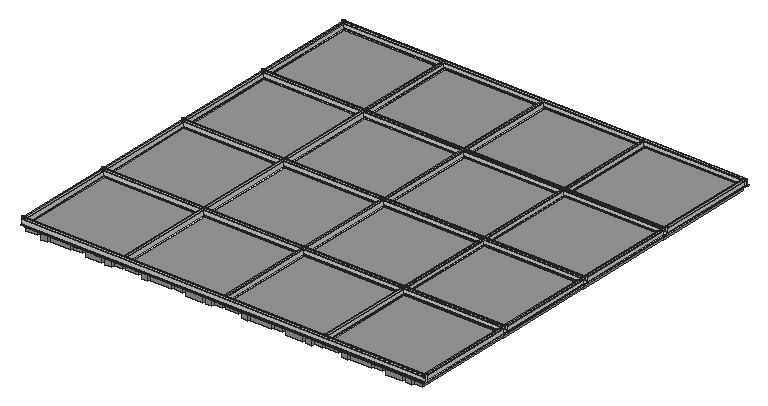
Revit family "GRD-FPG-013_TILE 003_RFA", category Modelos genéricos, Revit 2022 (continued)
Forms (in)
  Extrusion 317, solid, not visible
    sketch origin (24.02767, 82.90856, 0) x (1, 0, 0) y (0, 0, 1)
      loop
        line (0.54761, 1.7291) -> (0.54761, 2.15016) -> (0.45704, 2.24072)
        arc (0.45704, 2.24072) -> (0.44027, 2.24767) -> (0.42351, 2.24072) r 0.02371
        line (0.42351, 2.24072) -> (0.33294, 2.15016) -> (0.33294, 1.7291)
    from 58.93614 to 81.99864
  Extrusion 318, solid, not visible
    sketch origin (0.02767, 82.90856, 0) x (1, 0, 0) y (0, 0, 1)
      loop
        line (0.42221, 1.66259) -> (0.42231, 0.67354)
        arc (0.42231, 0.67354) -> (0.41009, 0.64403) -> (0.38057, 0.6318) r 0.04174
        line (0.38057, 0.6318) -> (-0.00639, 0.6318) -> (-0.00639, 0.59057) -> (0.8874, 0.59057) -> (0.8874, 0.6318) -> (0.49998, 0.6318)
        arc (0.49998, 0.6318) -> (0.47046, 0.64403) -> (0.45824, 0.67354) r 0.04174
        line (0.45824, 0.67354) -> (0.45834, 1.66259)
        arc (0.45834, 1.66259) -> (0.46543, 1.67969) -> (0.48252, 1.68677) r 0.02418
        line (0.48252, 1.68677) -> (0.52252, 1.68677)
        arc (0.52252, 1.68677) -> (0.55303, 1.69941) -> (0.56566, 1.72991) r 0.04314
        line (0.56566, 1.72991) -> (0.56566, 2.14095)
        arc (0.56566, 2.14095) -> (0.5626, 2.15637) -> (0.55386, 2.16944) r 0.04029
        line (0.55386, 2.16944) -> (0.47053, 2.25277)
        arc (0.47053, 2.25277) -> (0.44027, 2.2653) -> (0.41002, 2.25277) r 0.04279
        line (0.41002, 2.25277) -> (0.32669, 2.16944)
        arc (0.32669, 2.16944) -> (0.31795, 2.15637) -> (0.31489, 2.14095) r 0.04029
        line (0.31489, 2.14095) -> (0.31489, 1.72991)
        arc (0.31489, 1.72991) -> (0.32752, 1.69941) -> (0.35803, 1.68677) r 0.04314
        line (0.35803, 1.68677) -> (0.39803, 1.68677)
        arc (0.39803, 1.68677) -> (0.41512, 1.67969) -> (0.42221, 1.66259) r 0.02418
      loop
        arc (0.33294, 1.7291) -> (0.34005, 1.71194) -> (0.35722, 1.70483) r 0.02428
        line (0.35722, 1.70483) -> (0.39815, 1.70483)
        arc (0.39815, 1.70483) -> (0.42797, 1.69248) -> (0.44023, 1.66266) r 0.04217
        arc (0.44023, 1.66266) -> (0.45258, 1.69248) -> (0.4824, 1.70483) r 0.04217
        line (0.4824, 1.70483) -> (0.52333, 1.70483)
        arc (0.52333, 1.70483) -> (0.54049, 1.71194) -> (0.54761, 1.7291) r 0.02428
        line (0.54761, 1.7291) -> (0.54761, 2.15016) -> (0.45704, 2.24072)
        arc (0.45704, 2.24072) -> (0.44027, 2.24767) -> (0.42351, 2.24072) r 0.02371
        line (0.42351, 2.24072) -> (0.33294, 2.15016) -> (0.33294, 1.7291)
    from 58.93614 to 81.99864
  Extrusion 319, solid, not visible
    sketch origin (0, 0, 0) x (1, 0, 0) y (0, 1, 0)
      loop
        line (24.37331, 0.56251) -> (24.37331, 24.37501) -> (0.56081, 24.37501) -> (0.56081, 0.56251) -> (24.37331, 0.56251)
    from -0.14799 to 0.32867
  Extrusion 320, solid, not visible
    sketch origin (0, 0, 0) x (1, 0, 0) y (0, 0, 1)
      loop
        line (1.09883, 0.09247) -> (23.8353, 0.09247) -> (23.8353, 0.66306) -> (24.0853, 0.66306) -> (24.34206, 0.66306) -> (24.34206, 0.81527) -> (24.21368, 0.96747) -> (0.72045, 0.96747) -> (0.59206, 0.81527) -> (0.59206, 0.66306) -> (0.84883, 0.66306) -> (1.09883, 0.66306) -> (1.09883, 0.09247)
    from -1.53248 to -1.06251
  Extrusion 321, solid, not visible
    sketch origin (0, 22.34253, 0) x (1, 0, 0) y (0, 0, 1)
      loop
        line (1.09883, 0.09247) -> (23.8353, 0.09247) -> (23.8353, 0.66306) -> (24.0853, 0.66306) -> (24.34206, 0.66306) -> (24.34206, 0.81527) -> (24.21368, 0.96747) -> (0.72045, 0.96747) -> (0.59206, 0.81527) -> (0.59206, 0.66306) -> (0.84883, 0.66306) -> (1.09883, 0.66306) -> (1.09883, 0.09247)
    from -1.53248 to -1.06251
  Extrusion 322, solid, not visible
    sketch origin (24, 0, 0) x (1, 0, 0) y (0, 1, 0)
      loop
        line (24.37331, 0.56251) -> (24.37331, 24.37501) -> (0.56081, 24.37501) -> (0.56081, 0.56251) -> (24.37331, 0.56251)
    from -0.14799 to 0.32867
  Extrusion 323, solid, not visible
    sketch origin (24, 0, 0) x (1, 0, 0) y (0, 0, 1)
      loop
        line (1.09883, 0.09247) -> (23.8353, 0.09247) -> (23.8353, 0.66306) -> (24.0853, 0.66306) -> (24.34206, 0.66306) -> (24.34206, 0.81527) -> (24.21368, 0.96747) -> (0.72045, 0.96747) -> (0.59206, 0.81527) -> (0.59206, 0.66306) -> (0.84883, 0.66306) -> (1.09883, 0.66306) -> (1.09883, 0.09247)
    from -1.53248 to -1.06251
  Extrusion 324, solid, not visible
    sketch origin (24, 22.34253, 0) x (1, 0, 0) y (0, 0, 1)
      loop
        line (1.09883, 0.09247) -> (23.8353, 0.09247) -> (23.8353, 0.66306) -> (24.0853, 0.66306) -> (24.34206, 0.66306) -> (24.34206, 0.81527) -> (24.21368, 0.96747) -> (0.72045, 0.96747) -> (0.59206, 0.81527) -> (0.59206, 0.66306) -> (0.84883, 0.66306) -> (1.09883, 0.66306) -> (1.09883, 0.09247)
    from -1.53248 to -1.06251
  Extrusion 325, solid, not visible
    sketch origin (48, 0, 0) x (1, 0, 0) y (0, 1, 0)
      loop
        line (24.37331, 0.56251) -> (24.37331, 24.37501) -> (0.56081, 24.37501) -> (0.56081, 0.56251) -> (24.37331, 0.56251)
    from -0.14799 to 0.32867
  Extrusion 326, solid, not visible
    sketch origin (48, 0, 0) x (1, 0, 0) y (0, 0, 1)
      loop
        line (1.09883, 0.09247) -> (23.8353, 0.09247) -> (23.8353, 0.66306) -> (24.0853, 0.66306) -> (24.34206, 0.66306) -> (24.34206, 0.81527) -> (24.21368, 0.96747) -> (0.72045, 0.96747) -> (0.59206, 0.81527) -> (0.59206, 0.66306) -> (0.84883, 0.66306) -> (1.09883, 0.66306) -> (1.09883, 0.09247)
    from -1.53248 to -1.06251
  Extrusion 327, solid, not visible
    sketch origin (48, 22.34253, 0) x (1, 0, 0) y (0, 0, 1)
      loop
        line (1.09883, 0.09247) -> (23.8353, 0.09247) -> (23.8353, 0.66306) -> (24.0853, 0.66306) -> (24.34206, 0.66306) -> (24.34206, 0.81527) -> (24.21368, 0.96747) -> (0.72045, 0.96747) -> (0.59206, 0.81527) -> (0.59206, 0.66306) -> (0.84883, 0.66306) -> (1.09883, 0.66306) -> (1.09883, 0.09247)
    from -1.53248 to -1.06251
  Extrusion 328, solid, not visible
    sketch origin (72, 0, 0) x (1, 0, 0) y (0, 1, 0)
      loop
        line (24.37331, 0.56251) -> (24.37331, 24.37501) -> (0.56081, 24.37501) -> (0.56081, 0.56251) -> (24.37331, 0.56251)
    from -0.14799 to 0.32867
  Extrusion 329, solid, not visible
    sketch origin (72, 0, 0) x (1, 0, 0) y (0, 0, 1)
      loop
        line (1.09883, 0.09247) -> (23.8353, 0.09247) -> (23.8353, 0.66306) -> (24.0853, 0.66306) -> (24.34206, 0.66306) -> (24.34206, 0.81527) -> (24.21368, 0.96747) -> (0.72045, 0.96747) -> (0.59206, 0.81527) -> (0.59206, 0.66306) -> (0.84883, 0.66306) -> (1.09883, 0.66306) -> (1.09883, 0.09247)
    from -1.53248 to -1.06251
  Extrusion 330, solid, not visible
    sketch origin (72, 22.34253, 0) x (1, 0, 0) y (0, 0, 1)
      loop
        line (1.09883, 0.09247) -> (23.8353, 0.09247) -> (23.8353, 0.66306) -> (24.0853, 0.66306) -> (24.34206, 0.66306) -> (24.34206, 0.81527) -> (24.21368, 0.96747) -> (0.72045, 0.96747) -> (0.59206, 0.81527) -> (0.59206, 0.66306) -> (0.84883, 0.66306) -> (1.09883, 0.66306) -> (1.09883, 0.09247)
    from -1.53248 to -1.06251
  Extrusion 331, solid, not visible
    sketch origin (0, 24, 0) x (1, 0, 0) y (0, 1, 0)
      loop
        line (24.37331, 0.56251) -> (24.37331, 24.37501) -> (0.56081, 24.37501) -> (0.56081, 0.56251) -> (24.37331, 0.56251)
    from -0.14799 to 0.32867
  Extrusion 332, solid, not visible
    sketch origin (0, 24, 0) x (1, 0, 0) y (0, 0, 1)
      loop
        line (1.09883, 0.09247) -> (23.8353, 0.09247) -> (23.8353, 0.66306) -> (24.0853, 0.66306) -> (24.34206, 0.66306) -> (24.34206, 0.81527) -> (24.21368, 0.96747) -> (0.72045, 0.96747) -> (0.59206, 0.81527) -> (0.59206, 0.66306) -> (0.84883, 0.66306) -> (1.09883, 0.66306) -> (1.09883, 0.09247)
    from -1.53248 to -1.06251
  Extrusion 333, solid, not visible
    sketch origin (0, 46.34253, 0) x (1, 0, 0) y (0, 0, 1)
      loop
        line (1.09883, 0.09247) -> (23.8353, 0.09247) -> (23.8353, 0.66306) -> (24.0853, 0.66306) -> (24.34206, 0.66306) -> (24.34206, 0.81527) -> (24.21368, 0.96747) -> (0.72045, 0.96747) -> (0.59206, 0.81527) -> (0.59206, 0.66306) -> (0.84883, 0.66306) -> (1.09883, 0.66306) -> (1.09883, 0.09247)
    from -1.53248 to -1.06251
  Extrusion 334, solid, not visible
    sketch origin (24, 24, 0) x (1, 0, 0) y (0, 1, 0)
      loop
        line (24.37331, 0.56251) -> (24.37331, 24.37501) -> (0.56081, 24.37501) -> (0.56081, 0.56251) -> (24.37331, 0.56251)
    from -0.14799 to 0.32867
  Extrusion 335, solid, not visible
    sketch origin (24, 24, 0) x (1, 0, 0) y (0, 0, 1)
      loop
        line (1.09883, 0.09247) -> (23.8353, 0.09247) -> (23.8353, 0.66306) -> (24.0853, 0.66306) -> (24.34206, 0.66306) -> (24.34206, 0.81527) -> (24.21368, 0.96747) -> (0.72045, 0.96747) -> (0.59206, 0.81527) -> (0.59206, 0.66306) -> (0.84883, 0.66306) -> (1.09883, 0.66306) -> (1.09883, 0.09247)
    from -1.53248 to -1.06251
  Extrusion 336, solid, not visible
    sketch origin (24, 46.34253, 0) x (1, 0, 0) y (0, 0, 1)
      loop
        line (1.09883, 0.09247) -> (23.8353, 0.09247) -> (23.8353, 0.66306) -> (24.0853, 0.66306) -> (24.34206, 0.66306) -> (24.34206, 0.81527) -> (24.21368, 0.96747) -> (0.72045, 0.96747) -> (0.59206, 0.81527) -> (0.59206, 0.66306) -> (0.84883, 0.66306) -> (1.09883, 0.66306) -> (1.09883, 0.09247)
    from -1.53248 to -1.06251
  Extrusion 337, solid, not visible
    sketch origin (48, 24, 0) x (1, 0, 0) y (0, 1, 0)
      loop
        line (24.37331, 0.56251) -> (24.37331, 24.37501) -> (0.56081, 24.37501) -> (0.56081, 0.56251) -> (24.37331, 0.56251)
    from -0.14799 to 0.32867
  Extrusion 338, solid, not visible
    sketch origin (48, 24, 0) x (1, 0, 0) y (0, 0, 1)
      loop
        line (1.09883, 0.09247) -> (23.8353, 0.09247) -> (23.8353, 0.66306) -> (24.0853, 0.66306) -> (24.34206, 0.66306) -> (24.34206, 0.81527) -> (24.21368, 0.96747) -> (0.72045, 0.96747) -> (0.59206, 0.81527) -> (0.59206, 0.66306) -> (0.84883, 0.66306) -> (1.09883, 0.66306) -> (1.09883, 0.09247)
    from -1.53248 to -1.06251
  Extrusion 339, solid, not visible
    sketch origin (48, 46.34253, 0) x (1, 0, 0) y (0, 0, 1)
      loop
        line (1.09883, 0.09247) -> (23.8353, 0.09247) -> (23.8353, 0.66306) -> (24.0853, 0.66306) -> (24.34206, 0.66306) -> (24.34206, 0.81527) -> (24.21368, 0.96747) -> (0.72045, 0.96747) -> (0.59206, 0.81527) -> (0.59206, 0.66306) -> (0.84883, 0.66306) -> (1.09883, 0.66306) -> (1.09883, 0.09247)
    from -1.53248 to -1.06251
  Extrusion 340, solid, not visible
    sketch origin (72, 24, 0) x (1, 0, 0) y (0, 1, 0)
      loop
        line (24.37331, 0.56251) -> (24.37331, 24.37501) -> (0.56081, 24.37501) -> (0.56081, 0.56251) -> (24.37331, 0.56251)
    from -0.14799 to 0.32867
  Extrusion 341, solid, not visible
    sketch origin (72, 24, 0) x (1, 0, 0) y (0, 0, 1)
      loop
        line (1.09883, 0.09247) -> (23.8353, 0.09247) -> (23.8353, 0.66306) -> (24.0853, 0.66306) -> (24.34206, 0.66306) -> (24.34206, 0.81527) -> (24.21368, 0.96747) -> (0.72045, 0.96747) -> (0.59206, 0.81527) -> (0.59206, 0.66306) -> (0.84883, 0.66306) -> (1.09883, 0.66306) -> (1.09883, 0.09247)
    from -1.53248 to -1.06251
  Extrusion 342, solid, not visible
    sketch origin (72, 46.34253, 0) x (1, 0, 0) y (0, 0, 1)
      loop
        line (1.09883, 0.09247) -> (23.8353, 0.09247) -> (23.8353, 0.66306) -> (24.0853, 0.66306) -> (24.34206, 0.66306) -> (24.34206, 0.81527) -> (24.21368, 0.96747) -> (0.72045, 0.96747) -> (0.59206, 0.81527) -> (0.59206, 0.66306) -> (0.84883, 0.66306) -> (1.09883, 0.66306) -> (1.09883, 0.09247)
    from -1.53248 to -1.06251
  Extrusion 343, solid, not visible
    sketch origin (0, 48, 0) x (1, 0, 0) y (0, 1, 0)
      loop
        line (24.37331, 0.56251) -> (24.37331, 24.37501) -> (0.56081, 24.37501) -> (0.56081, 0.56251) -> (24.37331, 0.56251)
    from -0.14799 to 0.32867
  Extrusion 344, solid, not visible
    sketch origin (0, 48, 0) x (1, 0, 0) y (0, 0, 1)
      loop
        line (1.09883, 0.09247) -> (23.8353, 0.09247) -> (23.8353, 0.66306) -> (24.0853, 0.66306) -> (24.34206, 0.66306) -> (24.34206, 0.81527) -> (24.21368, 0.96747) -> (0.72045, 0.96747) -> (0.59206, 0.81527) -> (0.59206, 0.66306) -> (0.84883, 0.66306) -> (1.09883, 0.66306) -> (1.09883, 0.09247)
    from -1.53248 to -1.06251
  Extrusion 345, solid, not visible
    sketch origin (0, 70.34253, 0) x (1, 0, 0) y (0, 0, 1)
      loop
        line (1.09883, 0.09247) -> (23.8353, 0.09247) -> (23.8353, 0.66306) -> (24.0853, 0.66306) -> (24.34206, 0.66306) -> (24.34206, 0.81527) -> (24.21368, 0.96747) -> (0.72045, 0.96747) -> (0.59206, 0.81527) -> (0.59206, 0.66306) -> (0.84883, 0.66306) -> (1.09883, 0.66306) -> (1.09883, 0.09247)
    from -1.53248 to -1.06251
  Extrusion 346, solid, not visible
    sketch origin (24, 48, 0) x (1, 0, 0) y (0, 1, 0)
      loop
        line (24.37331, 0.56251) -> (24.37331, 24.37501) -> (0.56081, 24.37501) -> (0.56081, 0.56251) -> (24.37331, 0.56251)
    from -0.14799 to 0.32867
  Extrusion 347, solid, not visible
    sketch origin (24, 48, 0) x (1, 0, 0) y (0, 0, 1)
      loop
        line (1.09883, 0.09247) -> (23.8353, 0.09247) -> (23.8353, 0.66306) -> (24.0853, 0.66306) -> (24.34206, 0.66306) -> (24.34206, 0.81527) -> (24.21368, 0.96747) -> (0.72045, 0.96747) -> (0.59206, 0.81527) -> (0.59206, 0.66306) -> (0.84883, 0.66306) -> (1.09883, 0.66306) -> (1.09883, 0.09247)
    from -1.53248 to -1.06251
  Extrusion 348, solid, not visible
    sketch origin (24, 70.34253, 0) x (1, 0, 0) y (0, 0, 1)
      loop
        line (1.09883, 0.09247) -> (23.8353, 0.09247) -> (23.8353, 0.66306) -> (24.0853, 0.66306) -> (24.34206, 0.66306) -> (24.34206, 0.81527) -> (24.21368, 0.96747) -> (0.72045, 0.96747) -> (0.59206, 0.81527) -> (0.59206, 0.66306) -> (0.84883, 0.66306) -> (1.09883, 0.66306) -> (1.09883, 0.09247)
    from -1.53248 to -1.06251
  Extrusion 349, solid, not visible
    sketch origin (48, 48, 0) x (1, 0, 0) y (0, 1, 0)
      loop
        line (24.37331, 0.56251) -> (24.37331, 24.37501) -> (0.56081, 24.37501) -> (0.56081, 0.56251) -> (24.37331, 0.56251)
    from -0.14799 to 0.32867
  Extrusion 350, solid, not visible
    sketch origin (48, 48, 0) x (1, 0, 0) y (0, 0, 1)
      loop
        line (1.09883, 0.09247) -> (23.8353, 0.09247) -> (23.8353, 0.66306) -> (24.0853, 0.66306) -> (24.34206, 0.66306) -> (24.34206, 0.81527) -> (24.21368, 0.96747) -> (0.72045, 0.96747) -> (0.59206, 0.81527) -> (0.59206, 0.66306) -> (0.84883, 0.66306) -> (1.09883, 0.66306) -> (1.09883, 0.09247)
    from -1.53248 to -1.06251
  Extrusion 351, solid, not visible
    sketch origin (48, 70.34253, 0) x (1, 0, 0) y (0, 0, 1)
      loop
        line (1.09883, 0.09247) -> (23.8353, 0.09247) -> (23.8353, 0.66306) -> (24.0853, 0.66306) -> (24.34206, 0.66306) -> (24.34206, 0.81527) -> (24.21368, 0.96747) -> (0.72045, 0.96747) -> (0.59206, 0.81527) -> (0.59206, 0.66306) -> (0.84883, 0.66306) -> (1.09883, 0.66306) -> (1.09883, 0.09247)
    from -1.53248 to -1.06251
  Extrusion 352, solid, not visible
    sketch origin (72, 48, 0) x (1, 0, 0) y (0, 1, 0)
      loop
        line (24.37331, 0.56251) -> (24.37331, 24.37501) -> (0.56081, 24.37501) -> (0.56081, 0.56251) -> (24.37331, 0.56251)
    from -0.14799 to 0.32867
  Extrusion 353, solid, not visible
    sketch origin (72, 48, 0) x (1, 0, 0) y (0, 0, 1)
      loop
        line (1.09883, 0.09247) -> (23.8353, 0.09247) -> (23.8353, 0.66306) -> (24.0853, 0.66306) -> (24.34206, 0.66306) -> (24.34206, 0.81527) -> (24.21368, 0.96747) -> (0.72045, 0.96747) -> (0.59206, 0.81527) -> (0.59206, 0.66306) -> (0.84883, 0.66306) -> (1.09883, 0.66306) -> (1.09883, 0.09247)
    from -1.53248 to -1.06251
  Extrusion 354, solid, not visible
    sketch origin (72, 70.34253, 0) x (1, 0, 0) y (0, 0, 1)
      loop
        line (1.09883, 0.09247) -> (23.8353, 0.09247) -> (23.8353, 0.66306) -> (24.0853, 0.66306) -> (24.34206, 0.66306) -> (24.34206, 0.81527) -> (24.21368, 0.96747) -> (0.72045, 0.96747) -> (0.59206, 0.81527) -> (0.59206, 0.66306) -> (0.84883, 0.66306) -> (1.09883, 0.66306) -> (1.09883, 0.09247)
    from -1.53248 to -1.06251
  Extrusion 355, solid, not visible
    sketch origin (0, 72, 0) x (1, 0, 0) y (0, 1, 0)
      loop
        line (24.37331, 0.56251) -> (24.37331, 24.37501) -> (0.56081, 24.37501) -> (0.56081, 0.56251) -> (24.37331, 0.56251)
    from -0.14799 to 0.32867
  Extrusion 356, solid, not visible
    sketch origin (0, 72, 0) x (1, 0, 0) y (0, 0, 1)
      loop
        line (1.09883, 0.09247) -> (23.8353, 0.09247) -> (23.8353, 0.66306) -> (24.0853, 0.66306) -> (24.34206, 0.66306) -> (24.34206, 0.81527) -> (24.21368, 0.96747) -> (0.72045, 0.96747) -> (0.59206, 0.81527) -> (0.59206, 0.66306) -> (0.84883, 0.66306) -> (1.09883, 0.66306) -> (1.09883, 0.09247)
    from -1.53248 to -1.06251
  Extrusion 357, solid, not visible
    sketch origin (0, 94.34253, 0) x (1, 0, 0) y (0, 0, 1)
      loop
        line (1.09883, 0.09247) -> (23.8353, 0.09247) -> (23.8353, 0.66306) -> (24.0853, 0.66306) -> (24.34206, 0.66306) -> (24.34206, 0.81527) -> (24.21368, 0.96747) -> (0.72045, 0.96747) -> (0.59206, 0.81527) -> (0.59206, 0.66306) -> (0.84883, 0.66306) -> (1.09883, 0.66306) -> (1.09883, 0.09247)
    from -1.53248 to -1.06251
  Extrusion 358, solid, not visible
    sketch origin (24, 72, 0) x (1, 0, 0) y (0, 1, 0)
      loop
        line (24.37331, 0.56251) -> (24.37331, 24.37501) -> (0.56081, 24.37501) -> (0.56081, 0.56251) -> (24.37331, 0.56251)
    from -0.14799 to 0.32867
  Extrusion 359, solid, not visible
    sketch origin (24, 72, 0) x (1, 0, 0) y (0, 0, 1)
      loop
        line (1.09883, 0.09247) -> (23.8353, 0.09247) -> (23.8353, 0.66306) -> (24.0853, 0.66306) -> (24.34206, 0.66306) -> (24.34206, 0.81527) -> (24.21368, 0.96747) -> (0.72045, 0.96747) -> (0.59206, 0.81527) -> (0.59206, 0.66306) -> (0.84883, 0.66306) -> (1.09883, 0.66306) -> (1.09883, 0.09247)
    from -1.53248 to -1.06251
  Extrusion 360, solid, not visible
    sketch origin (24, 94.34253, 0) x (1, 0, 0) y (0, 0, 1)
      loop
        line (1.09883, 0.09247) -> (23.8353, 0.09247) -> (23.8353, 0.66306) -> (24.0853, 0.66306) -> (24.34206, 0.66306) -> (24.34206, 0.81527) -> (24.21368, 0.96747) -> (0.72045, 0.96747) -> (0.59206, 0.81527) -> (0.59206, 0.66306) -> (0.84883, 0.66306) -> (1.09883, 0.66306) -> (1.09883, 0.09247)
    from -1.53248 to -1.06251
  Extrusion 361, solid, not visible
    sketch origin (48, 72, 0) x (1, 0, 0) y (0, 1, 0)
      loop
        line (24.37331, 0.56251) -> (24.37331, 24.37501) -> (0.56081, 24.37501) -> (0.56081, 0.56251) -> (24.37331, 0.56251)
    from -0.14799 to 0.32867
  Extrusion 362, solid, not visible
    sketch origin (48, 72, 0) x (1, 0, 0) y (0, 0, 1)
      loop
        line (1.09883, 0.09247) -> (23.8353, 0.09247) -> (23.8353, 0.66306) -> (24.0853, 0.66306) -> (24.34206, 0.66306) -> (24.34206, 0.81527) -> (24.21368, 0.96747) -> (0.72045, 0.96747) -> (0.59206, 0.81527) -> (0.59206, 0.66306) -> (0.84883, 0.66306) -> (1.09883, 0.66306) -> (1.09883, 0.09247)
    from -1.53248 to -1.06251
  Extrusion 363, solid, not visible
    sketch origin (48, 94.34253, 0) x (1, 0, 0) y (0, 0, 1)
      loop
        line (1.09883, 0.09247) -> (23.8353, 0.09247) -> (23.8353, 0.66306) -> (24.0853, 0.66306) -> (24.34206, 0.66306) -> (24.34206, 0.81527) -> (24.21368, 0.96747) -> (0.72045, 0.96747) -> (0.59206, 0.81527) -> (0.59206, 0.66306) -> (0.84883, 0.66306) -> (1.09883, 0.66306) -> (1.09883, 0.09247)
    from -1.53248 to -1.06251
  Extrusion 364, solid, not visible
    sketch origin (72, 72, 0) x (1, 0, 0) y (0, 1, 0)
      loop
        line (24.37331, 0.56251) -> (24.37331, 24.37501) -> (0.56081, 24.37501) -> (0.56081, 0.56251) -> (24.37331, 0.56251)
    from -0.14799 to 0.32867
  Extrusion 365, solid, not visible
    sketch origin (72, 72, 0) x (1, 0, 0) y (0, 0, 1)
      loop
        line (1.09883, 0.09247) -> (23.8353, 0.09247) -> (23.8353, 0.66306) -> (24.0853, 0.66306) -> (24.34206, 0.66306) -> (24.34206, 0.81527) -> (24.21368, 0.96747) -> (0.72045, 0.96747) -> (0.59206, 0.81527) -> (0.59206, 0.66306) -> (0.84883, 0.66306) -> (1.09883, 0.66306) -> (1.09883, 0.09247)
    from -1.53248 to -1.06251
  Extrusion 366, solid, not visible
    sketch origin (72, 94.34253, 0) x (1, 0, 0) y (0, 0, 1)
      loop
        line (1.09883, 0.09247) -> (23.8353, 0.09247) -> (23.8353, 0.66306) -> (24.0853, 0.66306) -> (24.34206, 0.66306) -> (24.34206, 0.81527) -> (24.21368, 0.96747) -> (0.72045, 0.96747) -> (0.59206, 0.81527) -> (0.59206, 0.66306) -> (0.84883, 0.66306) -> (1.09883, 0.66306) -> (1.09883, 0.09247)
    from -1.53248 to -1.06251
  Extrusion 367, solid
    sketch origin (0, 0, 0) x (1, 0, 0) y (0, 0, 1)
      loop
        line (0.5921, 0.11813) -> (24.3421, 0.11813) -> (24.3421, 0.59057) -> (0.5921, 0.59057) -> (0.5921, 0.11813)
    from -24.31489 to -0.55824
  Extrusion 368, solid
    sketch origin (0, 0, 0) x (1, 0, 0) y (0, 0, 1)
      loop
        line (0.8421, -0.53443) -> (3.8421, -0.53443) -> (3.8421, 0.11813) -> (0.8421, 0.11813) -> (0.8421, -0.53443)
      loop
        line (4.55043, -1.15943) -> (6.05043, -1.15943) -> (6.05043, 0.11813) -> (4.55043, 0.11813) -> (4.55043, -1.15943)
      loop
        line (6.75877, -0.90943) -> (11.75877, -0.90943) -> (11.75877, 0.11813) -> (6.75877, 0.11813) -> (6.75877, -0.90943)
      loop
        line (12.4671, -0.65943) -> (14.4671, -0.65943) -> (14.4671, 0.11813) -> (12.4671, 0.11813) -> (12.4671, -0.65943)
      loop
        line (15.17543, -1.15943) -> (19.17543, -1.15943) -> (19.17543, 0.11813) -> (15.17543, 0.11813) -> (15.17543, -1.15943)
      loop
        line (19.88377, -1.15943) -> (21.38377, -1.15943) -> (21.38377, 0.11813) -> (19.88377, 0.11813) -> (19.88377, -1.15943)
      loop
        line (22.0921, -0.65943) -> (24.0921, -0.65943) -> (24.0921, 0.11813) -> (22.0921, 0.11813) -> (22.0921, -0.65943)
    from -24.30949 to -0.55949
  Extrusion 369, solid, not visible
    sketch origin (0, 0, 0) x (1, 0, 0) y (0, 0, 1)
      loop
        line (0.5921, 0.11813) -> (24.3421, 0.11813) -> (24.3421, 0.59057) -> (0.5921, 0.59057) -> (0.5921, 0.11813)
    from -24.31489 to -0.55824
  Extrusion 370, solid, not visible
    sketch origin (0, 0, 0) x (1, 0, 0) y (0, 0, 1)
      loop
        line (0.8421, -0.53443) -> (3.8421, -0.53443) -> (3.8421, 0.11813) -> (0.8421, 0.11813) -> (0.8421, -0.53443)
      loop
        line (4.55043, -1.15943) -> (6.05043, -1.15943) -> (6.05043, 0.11813) -> (4.55043, 0.11813) -> (4.55043, -1.15943)
      loop
        line (6.75877, -0.90943) -> (11.75877, -0.90943) -> (11.75877, 0.11813) -> (6.75877, 0.11813) -> (6.75877, -0.90943)
      loop
        line (12.4671, -0.65943) -> (14.4671, -0.65943) -> (14.4671, 0.11813) -> (12.4671, 0.11813) -> (12.4671, -0.65943)
      loop
        line (15.17543, -1.15943) -> (19.17543, -1.15943) -> (19.17543, 0.11813) -> (15.17543, 0.11813) -> (15.17543, -1.15943)
      loop
        line (19.88377, -1.15943) -> (21.38377, -1.15943) -> (21.38377, 0.11813) -> (19.88377, 0.11813) -> (19.88377, -1.15943)
      loop
        line (22.0921, -0.65943) -> (24.0921, -0.65943) -> (24.0921, 0.11813) -> (22.0921, 0.11813) -> (22.0921, -0.65943)
    from -24.30949 to -0.55949
  Extrusion 371, solid
    sketch origin (24, 0, 0) x (1, 0, 0) y (0, 0, 1)
      loop
        line (0.5921, 0.11813) -> (24.3421, 0.11813) -> (24.3421, 0.59057) -> (0.5921, 0.59057) -> (0.5921, 0.11813)
    from -24.31489 to -0.55824
  Extrusion 372, solid
    sketch origin (24, 0, 0) x (1, 0, 0) y (0, 0, 1)
      loop
        line (0.8421, -0.53443) -> (3.8421, -0.53443) -> (3.8421, 0.11813) -> (0.8421, 0.11813) -> (0.8421, -0.53443)
      loop
        line (4.55043, -1.15943) -> (6.05043, -1.15943) -> (6.05043, 0.11813) -> (4.55043, 0.11813) -> (4.55043, -1.15943)
      loop
        line (6.75877, -0.90943) -> (11.75877, -0.90943) -> (11.75877, 0.11813) -> (6.75877, 0.11813) -> (6.75877, -0.90943)
      loop
        line (12.4671, -0.65943) -> (14.4671, -0.65943) -> (14.4671, 0.11813) -> (12.4671, 0.11813) -> (12.4671, -0.65943)
      loop
        line (15.17543, -1.15943) -> (19.17543, -1.15943) -> (19.17543, 0.11813) -> (15.17543, 0.11813) -> (15.17543, -1.15943)
      loop
        line (19.88377, -1.15943) -> (21.38377, -1.15943) -> (21.38377, 0.11813) -> (19.88377, 0.11813) -> (19.88377, -1.15943)
      loop
        line (22.0921, -0.65943) -> (24.0921, -0.65943) -> (24.0921, 0.11813) -> (22.0921, 0.11813) -> (22.0921, -0.65943)
    from -24.30949 to -0.55949
  Extrusion 373, solid
    sketch origin (48, 0, 0) x (1, 0, 0) y (0, 0, 1)
      loop
        line (0.5921, 0.11813) -> (24.3421, 0.11813) -> (24.3421, 0.59057) -> (0.5921, 0.59057) -> (0.5921, 0.11813)
    from -24.31489 to -0.55824
  Extrusion 374, solid
    sketch origin (48, 0, 0) x (1, 0, 0) y (0, 0, 1)
      loop
        line (0.8421, -0.53443) -> (3.8421, -0.53443) -> (3.8421, 0.11813) -> (0.8421, 0.11813) -> (0.8421, -0.53443)
      loop
        line (4.55043, -1.15943) -> (6.05043, -1.15943) -> (6.05043, 0.11813) -> (4.55043, 0.11813) -> (4.55043, -1.15943)
      loop
        line (6.75877, -0.90943) -> (11.75877, -0.90943) -> (11.75877, 0.11813) -> (6.75877, 0.11813) -> (6.75877, -0.90943)
      loop
        line (12.4671, -0.65943) -> (14.4671, -0.65943) -> (14.4671, 0.11813) -> (12.4671, 0.11813) -> (12.4671, -0.65943)
      loop
        line (15.17543, -1.15943) -> (19.17543, -1.15943) -> (19.17543, 0.11813) -> (15.17543, 0.11813) -> (15.17543, -1.15943)
      loop
        line (19.88377, -1.15943) -> (21.38377, -1.15943) -> (21.38377, 0.11813) -> (19.88377, 0.11813) -> (19.88377, -1.15943)
      loop
        line (22.0921, -0.65943) -> (24.0921, -0.65943) -> (24.0921, 0.11813) -> (22.0921, 0.11813) -> (22.0921, -0.65943)
    from -24.30949 to -0.55949
  Extrusion 375, solid
    sketch origin (72, 0, 0) x (1, 0, 0) y (0, 0, 1)
      loop
        line (0.5921, 0.11813) -> (24.3421, 0.11813) -> (24.3421, 0.59057) -> (0.5921, 0.59057) -> (0.5921, 0.11813)
    from -24.31489 to -0.55824
  Extrusion 376, solid
    sketch origin (72, 0, 0) x (1, 0, 0) y (0, 0, 1)
      loop
        line (0.8421, -0.53443) -> (3.8421, -0.53443) -> (3.8421, 0.11813) -> (0.8421, 0.11813) -> (0.8421, -0.53443)
      loop
        line (4.55043, -1.15943) -> (6.05043, -1.15943) -> (6.05043, 0.11813) -> (4.55043, 0.11813) -> (4.55043, -1.15943)
      loop
        line (6.75877, -0.90943) -> (11.75877, -0.90943) -> (11.75877, 0.11813) -> (6.75877, 0.11813) -> (6.75877, -0.90943)
      loop
        line (12.4671, -0.65943) -> (14.4671, -0.65943) -> (14.4671, 0.11813) -> (12.4671, 0.11813) -> (12.4671, -0.65943)
      loop
        line (15.17543, -1.15943) -> (19.17543, -1.15943) -> (19.17543, 0.11813) -> (15.17543, 0.11813) -> (15.17543, -1.15943)
      loop
        line (19.88377, -1.15943) -> (21.38377, -1.15943) -> (21.38377, 0.11813) -> (19.88377, 0.11813) -> (19.88377, -1.15943)
      loop
        line (22.0921, -0.65943) -> (24.0921, -0.65943) -> (24.0921, 0.11813) -> (22.0921, 0.11813) -> (22.0921, -0.65943)
    from -24.30949 to -0.55949
  Extrusion 377, solid
    sketch origin (0, 24, 0) x (1, 0, 0) y (0, 0, 1)
      loop
        line (0.5921, 0.11813) -> (24.3421, 0.11813) -> (24.3421, 0.59057) -> (0.5921, 0.59057) -> (0.5921, 0.11813)
    from -24.31489 to -0.55824
  Extrusion 378, solid
    sketch origin (0, 24, 0) x (1, 0, 0) y (0, 0, 1)
      loop
        line (0.8421, -0.53443) -> (3.8421, -0.53443) -> (3.8421, 0.11813) -> (0.8421, 0.11813) -> (0.8421, -0.53443)
      loop
        line (4.55043, -1.15943) -> (6.05043, -1.15943) -> (6.05043, 0.11813) -> (4.55043, 0.11813) -> (4.55043, -1.15943)
      loop
        line (6.75877, -0.90943) -> (11.75877, -0.90943) -> (11.75877, 0.11813) -> (6.75877, 0.11813) -> (6.75877, -0.90943)
      loop
        line (12.4671, -0.65943) -> (14.4671, -0.65943) -> (14.4671, 0.11813) -> (12.4671, 0.11813) -> (12.4671, -0.65943)
      loop
        line (15.17543, -1.15943) -> (19.17543, -1.15943) -> (19.17543, 0.11813) -> (15.17543, 0.11813) -> (15.17543, -1.15943)
      loop
        line (19.88377, -1.15943) -> (21.38377, -1.15943) -> (21.38377, 0.11813) -> (19.88377, 0.11813) -> (19.88377, -1.15943)
      loop
        line (22.0921, -0.65943) -> (24.0921, -0.65943) -> (24.0921, 0.11813) -> (22.0921, 0.11813) -> (22.0921, -0.65943)
    from -24.30949 to -0.55949
  Extrusion 379, solid
    sketch origin (24, 24, 0) x (1, 0, 0) y (0, 0, 1)
      loop
        line (0.5921, 0.11813) -> (24.3421, 0.11813) -> (24.3421, 0.59057) -> (0.5921, 0.59057) -> (0.5921, 0.11813)
    from -24.31489 to -0.55824
  Extrusion 380, solid
    sketch origin (24, 24, 0) x (1, 0, 0) y (0, 0, 1)
      loop
        line (0.8421, -0.53443) -> (3.8421, -0.53443) -> (3.8421, 0.11813) -> (0.8421, 0.11813) -> (0.8421, -0.53443)
      loop
        line (4.55043, -1.15943) -> (6.05043, -1.15943) -> (6.05043, 0.11813) -> (4.55043, 0.11813) -> (4.55043, -1.15943)
      loop
        line (6.75877, -0.90943) -> (11.75877, -0.90943) -> (11.75877, 0.11813) -> (6.75877, 0.11813) -> (6.75877, -0.90943)
      loop
        line (12.4671, -0.65943) -> (14.4671, -0.65943) -> (14.4671, 0.11813) -> (12.4671, 0.11813) -> (12.4671, -0.65943)
      loop
        line (15.17543, -1.15943) -> (19.17543, -1.15943) -> (19.17543, 0.11813) -> (15.17543, 0.11813) -> (15.17543, -1.15943)
      loop
        line (19.88377, -1.15943) -> (21.38377, -1.15943) -> (21.38377, 0.11813) -> (19.88377, 0.11813) -> (19.88377, -1.15943)
      loop
        line (22.0921, -0.65943) -> (24.0921, -0.65943) -> (24.0921, 0.11813) -> (22.0921, 0.11813) -> (22.0921, -0.65943)
    from -24.30949 to -0.55949
  Extrusion 381, solid
    sketch origin (48, 24, 0) x (1, 0, 0) y (0, 0, 1)
      loop
        line (0.5921, 0.11813) -> (24.3421, 0.11813) -> (24.3421, 0.59057) -> (0.5921, 0.59057) -> (0.5921, 0.11813)
    from -24.31489 to -0.55824
  Extrusion 382, solid
    sketch origin (48, 24, 0) x (1, 0, 0) y (0, 0, 1)
      loop
        line (0.8421, -0.53443) -> (3.8421, -0.53443) -> (3.8421, 0.11813) -> (0.8421, 0.11813) -> (0.8421, -0.53443)
      loop
        line (4.55043, -1.15943) -> (6.05043, -1.15943) -> (6.05043, 0.11813) -> (4.55043, 0.11813) -> (4.55043, -1.15943)
      loop
        line (6.75877, -0.90943) -> (11.75877, -0.90943) -> (11.75877, 0.11813) -> (6.75877, 0.11813) -> (6.75877, -0.90943)
      loop
        line (12.4671, -0.65943) -> (14.4671, -0.65943) -> (14.4671, 0.11813) -> (12.4671, 0.11813) -> (12.4671, -0.65943)
      loop
        line (15.17543, -1.15943) -> (19.17543, -1.15943) -> (19.17543, 0.11813) -> (15.17543, 0.11813) -> (15.17543, -1.15943)
      loop
        line (19.88377, -1.15943) -> (21.38377, -1.15943) -> (21.38377, 0.11813) -> (19.88377, 0.11813) -> (19.88377, -1.15943)
      loop
        line (22.0921, -0.65943) -> (24.0921, -0.65943) -> (24.0921, 0.11813) -> (22.0921, 0.11813) -> (22.0921, -0.65943)
    from -24.30949 to -0.55949
  Extrusion 383, solid
    sketch origin (72, 24, 0) x (1, 0, 0) y (0, 0, 1)
      loop
        line (0.5921, 0.11813) -> (24.3421, 0.11813) -> (24.3421, 0.59057) -> (0.5921, 0.59057) -> (0.5921, 0.11813)
    from -24.31489 to -0.55824
  Extrusion 384, solid
    sketch origin (72, 24, 0) x (1, 0, 0) y (0, 0, 1)
      loop
        line (0.8421, -0.53443) -> (3.8421, -0.53443) -> (3.8421, 0.11813) -> (0.8421, 0.11813) -> (0.8421, -0.53443)
      loop
        line (4.55043, -1.15943) -> (6.05043, -1.15943) -> (6.05043, 0.11813) -> (4.55043, 0.11813) -> (4.55043, -1.15943)
      loop
        line (6.75877, -0.90943) -> (11.75877, -0.90943) -> (11.75877, 0.11813) -> (6.75877, 0.11813) -> (6.75877, -0.90943)
      loop
        line (12.4671, -0.65943) -> (14.4671, -0.65943) -> (14.4671, 0.11813) -> (12.4671, 0.11813) -> (12.4671, -0.65943)
      loop
        line (15.17543, -1.15943) -> (19.17543, -1.15943) -> (19.17543, 0.11813) -> (15.17543, 0.11813) -> (15.17543, -1.15943)
      loop
        line (19.88377, -1.15943) -> (21.38377, -1.15943) -> (21.38377, 0.11813) -> (19.88377, 0.11813) -> (19.88377, -1.15943)
      loop
        line (22.0921, -0.65943) -> (24.0921, -0.65943) -> (24.0921, 0.11813) -> (22.0921, 0.11813) -> (22.0921, -0.65943)
    from -24.30949 to -0.55949
  Extrusion 385, solid
    sketch origin (0, 48, 0) x (1, 0, 0) y (0, 0, 1)
      loop
        line (0.5921, 0.11813) -> (24.3421, 0.11813) -> (24.3421, 0.59057) -> (0.5921, 0.59057) -> (0.5921, 0.11813)
    from -24.31489 to -0.55824
  Extrusion 386, solid
    sketch origin (0, 48, 0) x (1, 0, 0) y (0, 0, 1)
      loop
        line (0.8421, -0.53443) -> (3.8421, -0.53443) -> (3.8421, 0.11813) -> (0.8421, 0.11813) -> (0.8421, -0.53443)
      loop
        line (4.55043, -1.15943) -> (6.05043, -1.15943) -> (6.05043, 0.11813) -> (4.55043, 0.11813) -> (4.55043, -1.15943)
      loop
        line (6.75877, -0.90943) -> (11.75877, -0.90943) -> (11.75877, 0.11813) -> (6.75877, 0.11813) -> (6.75877, -0.90943)
      loop
        line (12.4671, -0.65943) -> (14.4671, -0.65943) -> (14.4671, 0.11813) -> (12.4671, 0.11813) -> (12.4671, -0.65943)
      loop
        line (15.17543, -1.15943) -> (19.17543, -1.15943) -> (19.17543, 0.11813) -> (15.17543, 0.11813) -> (15.17543, -1.15943)
      loop
        line (19.88377, -1.15943) -> (21.38377, -1.15943) -> (21.38377, 0.11813) -> (19.88377, 0.11813) -> (19.88377, -1.15943)
      loop
        line (22.0921, -0.65943) -> (24.0921, -0.65943) -> (24.0921, 0.11813) -> (22.0921, 0.11813) -> (22.0921, -0.65943)
    from -24.30949 to -0.55949
  Extrusion 387, solid
    sketch origin (24, 48, 0) x (1, 0, 0) y (0, 0, 1)
      loop
        line (0.5921, 0.11813) -> (24.3421, 0.11813) -> (24.3421, 0.59057) -> (0.5921, 0.59057) -> (0.5921, 0.11813)
    from -24.31489 to -0.55824
  Extrusion 388, solid
    sketch origin (24, 48, 0) x (1, 0, 0) y (0, 0, 1)
      loop
        line (0.8421, -0.53443) -> (3.8421, -0.53443) -> (3.8421, 0.11813) -> (0.8421, 0.11813) -> (0.8421, -0.53443)
      loop
        line (4.55043, -1.15943) -> (6.05043, -1.15943) -> (6.05043, 0.11813) -> (4.55043, 0.11813) -> (4.55043, -1.15943)
      loop
        line (6.75877, -0.90943) -> (11.75877, -0.90943) -> (11.75877, 0.11813) -> (6.75877, 0.11813) -> (6.75877, -0.90943)
      loop
        line (12.4671, -0.65943) -> (14.4671, -0.65943) -> (14.4671, 0.11813) -> (12.4671, 0.11813) -> (12.4671, -0.65943)
      loop
        line (15.17543, -1.15943) -> (19.17543, -1.15943) -> (19.17543, 0.11813) -> (15.17543, 0.11813) -> (15.17543, -1.15943)
      loop
        line (19.88377, -1.15943) -> (21.38377, -1.15943) -> (21.38377, 0.11813) -> (19.88377, 0.11813) -> (19.88377, -1.15943)
      loop
        line (22.0921, -0.65943) -> (24.0921, -0.65943) -> (24.0921, 0.11813) -> (22.0921, 0.11813) -> (22.0921, -0.65943)
    from -24.30949 to -0.55949
  Extrusion 389, solid
    sketch origin (48, 48, 0) x (1, 0, 0) y (0, 0, 1)
      loop
        line (0.5921, 0.11813) -> (24.3421, 0.11813) -> (24.3421, 0.59057) -> (0.5921, 0.59057) -> (0.5921, 0.11813)
    from -24.31489 to -0.55824
  Extrusion 390, solid
    sketch origin (48, 48, 0) x (1, 0, 0) y (0, 0, 1)
      loop
        line (0.8421, -0.53443) -> (3.8421, -0.53443) -> (3.8421, 0.11813) -> (0.8421, 0.11813) -> (0.8421, -0.53443)
      loop
        line (4.55043, -1.15943) -> (6.05043, -1.15943) -> (6.05043, 0.11813) -> (4.55043, 0.11813) -> (4.55043, -1.15943)
      loop
        line (6.75877, -0.90943) -> (11.75877, -0.90943) -> (11.75877, 0.11813) -> (6.75877, 0.11813) -> (6.75877, -0.90943)
      loop
        line (12.4671, -0.65943) -> (14.4671, -0.65943) -> (14.4671, 0.11813) -> (12.4671, 0.11813) -> (12.4671, -0.65943)
      loop
        line (15.17543, -1.15943) -> (19.17543, -1.15943) -> (19.17543, 0.11813) -> (15.17543, 0.11813) -> (15.17543, -1.15943)
      loop
        line (19.88377, -1.15943) -> (21.38377, -1.15943) -> (21.38377, 0.11813) -> (19.88377, 0.11813) -> (19.88377, -1.15943)
      loop
        line (22.0921, -0.65943) -> (24.0921, -0.65943) -> (24.0921, 0.11813) -> (22.0921, 0.11813) -> (22.0921, -0.65943)
    from -24.30949 to -0.55949
  Extrusion 391, solid
    sketch origin (72, 48, 0) x (1, 0, 0) y (0, 0, 1)
      loop
        line (0.5921, 0.11813) -> (24.3421, 0.11813) -> (24.3421, 0.59057) -> (0.5921, 0.59057) -> (0.5921, 0.11813)
    from -24.31489 to -0.55824
  Extrusion 392, solid
    sketch origin (72, 48, 0) x (1, 0, 0) y (0, 0, 1)
      loop
        line (0.8421, -0.53443) -> (3.8421, -0.53443) -> (3.8421, 0.11813) -> (0.8421, 0.11813) -> (0.8421, -0.53443)
      loop
        line (4.55043, -1.15943) -> (6.05043, -1.15943) -> (6.05043, 0.11813) -> (4.55043, 0.11813) -> (4.55043, -1.15943)
      loop
        line (6.75877, -0.90943) -> (11.75877, -0.90943) -> (11.75877, 0.11813) -> (6.75877, 0.11813) -> (6.75877, -0.90943)
      loop
        line (12.4671, -0.65943) -> (14.4671, -0.65943) -> (14.4671, 0.11813) -> (12.4671, 0.11813) -> (12.4671, -0.65943)
      loop
        line (15.17543, -1.15943) -> (19.17543, -1.15943) -> (19.17543, 0.11813) -> (15.17543, 0.11813) -> (15.17543, -1.15943)
      loop
        line (19.88377, -1.15943) -> (21.38377, -1.15943) -> (21.38377, 0.11813) -> (19.88377, 0.11813) -> (19.88377, -1.15943)
      loop
        line (22.0921, -0.65943) -> (24.0921, -0.65943) -> (24.0921, 0.11813) -> (22.0921, 0.11813) -> (22.0921, -0.65943)
    from -24.30949 to -0.55949
  Extrusion 393, solid
    sketch origin (0, 72, 0) x (1, 0, 0) y (0, 0, 1)
      loop
        line (0.5921, 0.11813) -> (24.3421, 0.11813) -> (24.3421, 0.59057) -> (0.5921, 0.59057) -> (0.5921, 0.11813)
    from -24.31489 to -0.55824
  Extrusion 394, solid
    sketch origin (0, 72, 0) x (1, 0, 0) y (0, 0, 1)
      loop
        line (0.8421, -0.53443) -> (3.8421, -0.53443) -> (3.8421, 0.11813) -> (0.8421, 0.11813) -> (0.8421, -0.53443)
      loop
        line (4.55043, -1.15943) -> (6.05043, -1.15943) -> (6.05043, 0.11813) -> (4.55043, 0.11813) -> (4.55043, -1.15943)
      loop
        line (6.75877, -0.90943) -> (11.75877, -0.90943) -> (11.75877, 0.11813) -> (6.75877, 0.11813) -> (6.75877, -0.90943)
      loop
        line (12.4671, -0.65943) -> (14.4671, -0.65943) -> (14.4671, 0.11813) -> (12.4671, 0.11813) -> (12.4671, -0.65943)
      loop
        line (15.17543, -1.15943) -> (19.17543, -1.15943) -> (19.17543, 0.11813) -> (15.17543, 0.11813) -> (15.17543, -1.15943)
      loop
        line (19.88377, -1.15943) -> (21.38377, -1.15943) -> (21.38377, 0.11813) -> (19.88377, 0.11813) -> (19.88377, -1.15943)
      loop
        line (22.0921, -0.65943) -> (24.0921, -0.65943) -> (24.0921, 0.11813) -> (22.0921, 0.11813) -> (22.0921, -0.65943)
    from -24.30949 to -0.55949
  Extrusion 395, solid
    sketch origin (24, 72, 0) x (1, 0, 0) y (0, 0, 1)
      loop
        line (0.5921, 0.11813) -> (24.3421, 0.11813) -> (24.3421, 0.59057) -> (0.5921, 0.59057) -> (0.5921, 0.11813)
    from -24.31489 to -0.55824
  Extrusion 396, solid
    sketch origin (24, 72, 0) x (1, 0, 0) y (0, 0, 1)
      loop
        line (0.8421, -0.53443) -> (3.8421, -0.53443) -> (3.8421, 0.11813) -> (0.8421, 0.11813) -> (0.8421, -0.53443)
      loop
        line (4.55043, -1.15943) -> (6.05043, -1.15943) -> (6.05043, 0.11813) -> (4.55043, 0.11813) -> (4.55043, -1.15943)
      loop
        line (6.75877, -0.90943) -> (11.75877, -0.90943) -> (11.75877, 0.11813) -> (6.75877, 0.11813) -> (6.75877, -0.90943)
      loop
        line (12.4671, -0.65943) -> (14.4671, -0.65943) -> (14.4671, 0.11813) -> (12.4671, 0.11813) -> (12.4671, -0.65943)
      loop
        line (15.17543, -1.15943) -> (19.17543, -1.15943) -> (19.17543, 0.11813) -> (15.17543, 0.11813) -> (15.17543, -1.15943)
      loop
        line (19.88377, -1.15943) -> (21.38377, -1.15943) -> (21.38377, 0.11813) -> (19.88377, 0.11813) -> (19.88377, -1.15943)
      loop
        line (22.0921, -0.65943) -> (24.0921, -0.65943) -> (24.0921, 0.11813) -> (22.0921, 0.11813) -> (22.0921, -0.65943)
    from -24.30949 to -0.55949
  Extrusion 397, solid
    sketch origin (48, 72, 0) x (1, 0, 0) y (0, 0, 1)
      loop
        line (0.5921, 0.11813) -> (24.3421, 0.11813) -> (24.3421, 0.59057) -> (0.5921, 0.59057) -> (0.5921, 0.11813)
    from -24.31489 to -0.55824
  Extrusion 398, solid
    sketch origin (48, 72, 0) x (1, 0, 0) y (0, 0, 1)
      loop
        line (0.8421, -0.53443) -> (3.8421, -0.53443) -> (3.8421, 0.11813) -> (0.8421, 0.11813) -> (0.8421, -0.53443)
      loop
        line (4.55043, -1.15943) -> (6.05043, -1.15943) -> (6.05043, 0.11813) -> (4.55043, 0.11813) -> (4.55043, -1.15943)
      loop
        line (6.75877, -0.90943) -> (11.75877, -0.90943) -> (11.75877, 0.11813) -> (6.75877, 0.11813) -> (6.75877, -0.90943)
      loop
        line (12.4671, -0.65943) -> (14.4671, -0.65943) -> (14.4671, 0.11813) -> (12.4671, 0.11813) -> (12.4671, -0.65943)
      loop
        line (15.17543, -1.15943) -> (19.17543, -1.15943) -> (19.17543, 0.11813) -> (15.17543, 0.11813) -> (15.17543, -1.15943)
      loop
        line (19.88377, -1.15943) -> (21.38377, -1.15943) -> (21.38377, 0.11813) -> (19.88377, 0.11813) -> (19.88377, -1.15943)
      loop
        line (22.0921, -0.65943) -> (24.0921, -0.65943) -> (24.0921, 0.11813) -> (22.0921, 0.11813) -> (22.0921, -0.65943)
    from -24.30949 to -0.55949
  Extrusion 399, solid
    sketch origin (72, 72, 0) x (1, 0, 0) y (0, 0, 1)
      loop
        line (0.5921, 0.11813) -> (24.3421, 0.11813) -> (24.3421, 0.59057) -> (0.5921, 0.59057) -> (0.5921, 0.11813)
    from -24.31489 to -0.55824
  Extrusion 400, solid
    sketch origin (72, 72, 0) x (1, 0, 0) y (0, 0, 1)
      loop
        line (0.8421, -0.53443) -> (3.8421, -0.53443) -> (3.8421, 0.11813) -> (0.8421, 0.11813) -> (0.8421, -0.53443)
      loop
        line (4.55043, -1.15943) -> (6.05043, -1.15943) -> (6.05043, 0.11813) -> (4.55043, 0.11813) -> (4.55043, -1.15943)
      loop
        line (6.75877, -0.90943) -> (11.75877, -0.90943) -> (11.75877, 0.11813) -> (6.75877, 0.11813) -> (6.75877, -0.90943)
      loop
        line (12.4671, -0.65943) -> (14.4671, -0.65943) -> (14.4671, 0.11813) -> (12.4671, 0.11813) -> (12.4671, -0.65943)
      loop
        line (15.17543, -1.15943) -> (19.17543, -1.15943) -> (19.17543, 0.11813) -> (15.17543, 0.11813) -> (15.17543, -1.15943)
      loop
        line (19.88377, -1.15943) -> (21.38377, -1.15943) -> (21.38377, 0.11813) -> (19.88377, 0.11813) -> (19.88377, -1.15943)
      loop
        line (22.0921, -0.65943) -> (24.0921, -0.65943) -> (24.0921, 0.11813) -> (22.0921, 0.11813) -> (22.0921, -0.65943)
    from -24.30949 to -0.55949
Dimensions and locks (in)
  aligned and locked: level to plane 2
